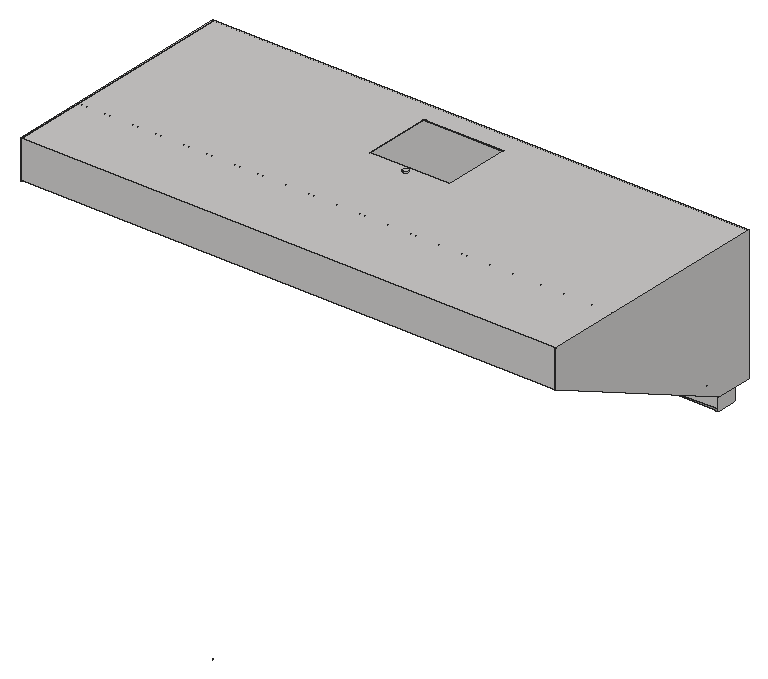
Revit family "QF_ELECTROLUXPROFESSIONAL_644185_AMPV920BT", category Attrezzature speciali, Revit 2021
Family settings
  Quota connettore circolare = Usa diametro
  Tipo di parte = Normale
  Basato su piano di lavoro = No
  Sempre verticale = Sì
  Taglio con vuoti quando caricato = No
  Condiviso = No
  Punto di calcolo locali = No
Parameters (values of type "Standard")
  Weight = 44.00 kg
  Watts = 550 W
  Volts = 220 V
  URL Manufacturer = "https://www.electroluxprofessional.com/"
  URL = "https://www.electroluxprofessional.com/"
  Steam Supply Size = 0 mm
  Steam Supply Minimum Pressure = 0.0 Pa
  Steam Supply Maximum Pressure = 0.0 Pa
  Steam Consumption per Hour = 0
  Refrigeration Suction Line Size = 0 mm
  Refrigeration Liquid Line Size = 0 mm
  Refrigerant Compressor Remote = yes
  Prospetto di default = 0 mm
  Produttore = "Electrolux Professional"
  Phase = 1
  Modello = "AMPV920BT"
  Length Actual = 2000 mm  # constant formula
  Item Number = "644185"
  Hot Water Size = 0 mm
  Height Actual = 500 mm  # constant formula
  HP = "0.7 HP"
  Gas Size = 0 mm
  Gas KW = 0
  Gas Input Pressure = 0 W
  Direct Waste Size = 0 mm
  Descrizione = "430 S/S WALL HOOD+FILTERS+FAN 2000X900MM"
  Depth Actual = 900 mm  # constant formula
  Cycle = 50 Hz
  Condensate Return Size = 0 mm
  Compressed Air Volume = 0.0 L/s
  Compressed Air Size = 0 mm
  Compressed Air Pressure = 0.0 Pa
  Cold Water Size = 0 mm
  Accessory = yes
Reference planes
  plane 1: z = 0
  plane 2 "Center (Left/Right)": x = 150
  plane 3 "LEFT": x = -850
  plane 4 "RIGHT": x = 1150
  plane 5 "BACK": y = 550
  plane 6 "Plane": z = 2000
  plane 7 "TOP": z = 2140
  plane 8 "Base": z = 1640
  plane 9: z = 1566
  plane 10 "DrainY": y = 485
  plane 11: x = -847
  plane 12: through (0, 414.509, 1640.8) normal (0, 0.7314, 0.682)
  plane 13: y = 470
  plane 14: y = 220
  plane 15 "DrainX": x = 1030
  plane 16: x = 0
  plane 17: x = 300
  plane 18: x = 1147
  plane 19: x = 940
  plane 20: x = 1120
  plane 21: x = -810
  plane 22: x = 1110
  plane 23: x = -47.5
  plane 24: x = 347.5
  plane 25 "FRONT": y = -350
  plane 26 "Center (Front/Back)": y = 100
  plane 27: y = 200
Forms (mm)
  Extrusion 1, solid, material "QF_Finishes_Stainless Steel"
    sketch origin (-850, 0, 0) x (0, 1, 0) y (0, 0, 1)
      loop
        line (550, 1640) -> (550, 2140) -> (-350, 2140) -> (-350, 1998.736) -> (413.973, 1640) -> (550, 1640)
    from 0 to 3
  Extrusion 2, solid, material "QF_Finishes_Stainless Steel"
    sketch origin (150, 0, 0) x (0, 1, 0) y (0, 0, 1)
      loop
        line (415.255, 1640) -> (550, 1640) -> (550, 2139.19) -> (549.2, 2139.19) -> (549.2, 1640.8) -> (415.876, 1640.8) -> (339.347, 1722.867) -> (349.609, 1732.436) -> (348.927, 1733.167) -> (337.934, 1722.917) -> (415.255, 1640)
      loop
        line (-82.203, 2139.19) -> (-82.203, 2118.6) -> (-31.047, 2118.6) -> (34.354, 2048.466) -> (46.028, 2059.352) -> (45.346, 2060.083) -> (34.403, 2049.879) -> (-30.612, 2119.6) -> (-81.203, 2119.6) -> (-81.203, 2139.19) -> (-82.203, 2139.19)
    from -997 to 997
  Extrusion 3, solid, material "QF_Finishes_Stainless Steel"
    sketch origin (1150, 0, 0) x (0, 1, 0) y (0, 0, 1)
      loop
        line (550, 1640) -> (550, 2140) -> (-350, 2140) -> (-350, 1998.736) -> (413.973, 1640) -> (550, 1640)
    from 0 to -3
  Extrusion 4, solid, material "QF_Finishes_Stainless Steel"
    sketch origin (150, 0, 0) x (0, 1, 0) y (0, 0, 1)
      loop
        line (-350, 2140) -> (-350, 2000) -> (-349.2, 2000) -> (-349.2, 2139.19) -> (550, 2139.19) -> (550, 2140) -> (-350, 2140)
    from -1000 to 1000
  Extrusion 5, solid, material "QF_Finishes_Stainless Steel"
    sketch origin (150, 0, 0) x (0, 1, 0) y (0, 0, 1)
      loop
        line (534, 1640) -> (436, 1640) -> (436, 1627) -> (443.5, 1627) -> (443.5, 1576)
        arc (443.5, 1576) -> (446.429, 1568.929) -> (453.5, 1566) r 10
        line (453.5, 1566) -> (516.5, 1566)
        arc (516.5, 1566) -> (523.571, 1568.929) -> (526.5, 1576) r 10
        line (526.5, 1576) -> (526.5, 1627) -> (534, 1627) -> (534, 1640)
    from 790 to 970
  Extrusion 6, solid, material "QF_Finishes_Stainless Steel"
    sketch origin (0, 0, 1640) x (0, 1, 0) y (-1, 0, 0)
      loop
        circle (485, -1030) r 20
    from -76 to -74
  Extrusion 7, solid, material "QF_Finished_Chrome"
    sketch origin (150, 0, 0) x (0, 1, 0) y (0, 0, 1)
      loop
        line (337.934, 1722.917) -> (341.591, 1726.327) -> (38.011, 2051.876) -> (34.354, 2048.466) -> (337.934, 1722.917)
    from -197.5 to -960
  Extrusion 8, solid, material "QF_Finishes_Stainless Steel"
    sketch origin (150, 0, 0) x (0, 1, 0) y (0, 0, 1)
      loop
        line (337.934, 1722.917) -> (341.591, 1726.327) -> (38.011, 2051.876) -> (34.354, 2048.466) -> (337.934, 1722.917)
    from 997 to 960
  Extrusion 9, solid, material "QF_Finished_Chrome"
    sketch origin (150, 0, 0) x (0, 1, 0) y (0, 0, 1)
      loop
        line (341.588, 1726.324) -> (38.009, 2051.874) -> (34.354, 2048.466) -> (337.934, 1722.917) -> (341.588, 1726.324)
    from 197.5 to 960
  Extrusion 10, void
    sketch origin (0, 0, 2140) x (0, 1, 0) y (-1, 0, 0)
      loop
        line (470, -300) -> (470, 0) -> (220, 0) -> (220, -300) -> (470, -300)
    from 0 to -10
  Extrusion 11, solid, material "QF_Finishes_Stainless Steel"
    sketch origin (0, 0, 0) x (1, 0, 0) y (0, 1, 0)
      loop
        line (-850, 550) -> (-850, 549) -> (-849, 549) -> (-849, 550) -> (-850, 550)
    from 0 to 1
  Extrusion 12, solid, material "QF_Finishes_Stainless Steel"
    sketch origin (150, 0, 0) x (0, 1, 0) y (0, 0, 1)
      loop
        line (337.934, 1722.917) -> (341.591, 1726.327) -> (38.011, 2051.876) -> (34.354, 2048.466) -> (337.934, 1722.917)
    from -960 to -997
  Extrusion 13, solid, material "QF_Finishes_Stainless Steel"
    sketch origin (150, 0, 0) x (0, 1, 0) y (0, 0, 1)
      loop
        line (337.934, 1722.917) -> (341.591, 1726.327) -> (38.011, 2051.876) -> (34.354, 2048.466) -> (337.934, 1722.917)
    from 197.5 to -197.5
  Extrusion 14, solid, material "QF_Finishes_Stainless Steel"
    sketch origin (0, 0, 2140) x (0, 1, 0) y (-1, 0, 0)
      loop
        circle (200, -150) r 10
    from 0 to 1.6
Cuts and joins
  Extrusion 10 cuts Extrusion 4
  joined: Extrusion 2, Extrusion 4
Lines and regions (mm)
  reference lines
    curve 1: line (150, 34.354, 2048.466) -> (150, 34.354, 1888.466)
  symbolic lines, style "SpecialityEquipment", detail levels coarse
    curve 2: line (1150, 550, 2140) -> (-850, 550, 2140)
    curve 3: line (-850, 550, 2140) -> (-850, -350, 2140)
    curve 4: line (1150, -350, 2140) -> (1150, 550, 2140)
    curve 5: line (-850, -350, 2140) -> (1150, -350, 2140)
    curve 6: line (300, 220, 2140) -> (0, 220, 2140)
    curve 7: line (300, 470, 2140) -> (300, 220, 2140)
    curve 8: line (0, 470, 2140) -> (300, 470, 2140)
    curve 9: line (0, 220, 2140) -> (0, 470, 2140)
    curve 10: line (-850, 550, 0) -> (1150, -350, 0)
    curve 11: line (1150, 550, 0) -> (-850, -350, 0)
Dimensions and locks
  plane 3 "LEFT" to plane 4 "RIGHT" = 2000 mm
  equal spacing: plane 3 "LEFT", plane 2 "Center (Left/Right)", plane 4 "RIGHT"
  locked: plane 6 "Plane" to level at 2000
  plane 7 "TOP" to plane 6 "Plane" = 140 mm
  locked: plane 7 "TOP" to plane 8 "Base" at 500
  plane 8 "Base" to plane 9 = 74 mm
  plane 5 "BACK" to plane 10 "DrainY" = 65 mm  (x2)
  plane 3 "LEFT" to plane 11 = 3 mm
  plane 5 "BACK" to plane 13 = 80 mm
  plane 13 to plane 14 = 250 mm  (x2)
  plane 15 "DrainX" to plane 4 "RIGHT" = 120 mm
  plane 18 to plane 4 "RIGHT" = 3 mm
  locked: plane 19 to plane 15 "DrainX" at 90
  locked: plane 15 "DrainX" to plane 20 at 90
  plane 13 to plane 5 "BACK" = 80 mm
  locked: plane 3 "LEFT" to plane 21 at 40
  locked: plane 22 to plane 4 "RIGHT" at 40
  locked: plane 23 to plane 24 at 395
  equal spacing: plane 23, plane 2 "Center (Left/Right)", plane 24
  locked: plane 16 to plane 17 at 300
  equal spacing: plane 16, plane 2 "Center (Left/Right)", plane 17
  plane 5 "BACK" to plane 25 "FRONT" = 900 mm  (x2)
  equal spacing: plane 5 "BACK", plane 26 "Center (Front/Back)", plane 25 "FRONT"
  plane 14 to plane 27 = 20 mm
  aligned and locked: level to plane 1
  aligned and locked: Extrusion 2 to Extrusion 1
  aligned and locked: Extrusion 2 to Extrusion 3
  aligned and locked: plane 4 "RIGHT" to Extrusion 4
  aligned and locked: Extrusion 4 to plane 3 "LEFT"
  aligned and locked: plane 18 to Extrusion 8
  aligned and locked: Extrusion 10 to plane 16
  aligned and locked: Extrusion 10 to plane 14
  aligned and locked: Extrusion 10 to plane 13
  aligned and locked: Extrusion 2 to Extrusion 4
  aligned and locked: plane 20 to Extrusion 5
  aligned and locked: Extrusion 5 to plane 19
  aligned and locked: Extrusion 8 to plane 22
  aligned and locked: Extrusion 9 to plane 22
  aligned and locked: Extrusion 7 to plane 21
  aligned and locked: Extrusion 12 to plane 11
  aligned and locked: plane 21 to Extrusion 12
  aligned and locked: Extrusion 3 to plane 18
  aligned and locked: Extrusion 10 to plane 17
  aligned and locked: plane 17 to curve 7
  aligned and locked: plane 24 to Extrusion 13
  aligned and locked: Extrusion 13 to plane 23
  aligned and locked: Extrusion 9 to plane 24
Automatic sketch dimensions
  curve 5 to plane 4 "RIGHT" = 0 mm
  curve 6 to plane 14 = 0 mm
  plane 13 to curve 8 = 0 mm
  curve 3 to plane 3 "LEFT" = 0 mm
  curve 3 to plane 5 "BACK" = 0 mm
  curve 6 to plane 16 = 0 mm
  Extrusion 2 sketch curve to plane 12 = 0 mm  (x3)
  Extrusion 2 sketch curve to plane 8 "Base" = 0 mm
  plane 12 to Extrusion 2 sketch curve = 0 mm
  Extrusion 2 sketch curve to plane 5 "BACK" = 0 mm
  Extrusion 2 sketch curve to Extrusion 2 sketch curve = 65.646 mm
  Extrusion 2 sketch curve to Extrusion 2 sketch curve = 0.682 mm  (x2)
  Extrusion 2 sketch curve to Extrusion 2 sketch curve = 10.261 mm
  plane 8 "Base" to Extrusion 2 sketch curve = 82.917 mm
  Extrusion 2 sketch curve to Extrusion 2 sketch curve = 10.942 mm
  Extrusion 2 sketch curve to Extrusion 2 sketch curve = 0.049 mm
  Extrusion 2 sketch curve to plane 7 "TOP" = 20.4 mm
  Extrusion 2 sketch curve to plane 7 "TOP" = 21.4 mm
  Extrusion 2 sketch curve to plane 7 "TOP" = 0.81 mm  (x2)
  Extrusion 2 sketch curve to Extrusion 2 sketch curve = 50.156 mm
  Extrusion 2 sketch curve to Extrusion 2 sketch curve = 1 mm
  plane 8 "Base" to Extrusion 2 sketch curve = 0.8 mm
  Extrusion 2 sketch curve to plane 5 "BACK" = 0.8 mm
  Extrusion 4 sketch curve to plane 6 "Plane" = 0 mm
  Extrusion 4 sketch curve to plane 5 "BACK" = 0 mm
  Extrusion 4 sketch curve to plane 7 "TOP" = 0 mm
  Extrusion 4 sketch curve to plane 7 "TOP" = 0.81 mm
  curve 1 to plane 12 = 0 mm
  curve 1 to plane 6 "Plane" = 111.534 mm
  Extrusion 5 sketch curve to plane 8 "Base" = 0 mm
  Extrusion 5 sketch curve to plane 9 = 0 mm
  Extrusion 5 sketch curve to plane 8 "Base" = 13 mm  (x2)
  plane 13 to Extrusion 5 sketch curve = 34 mm
  Extrusion 5 sketch curve to Extrusion 5 sketch curve = 7.5 mm  (x2)
  Extrusion 5 sketch curve to Extrusion 5 sketch curve = 10 mm
  plane 10 "DrainY" to Extrusion 5 sketch curve = 31.5 mm
  Extrusion 5 sketch curve to plane 5 "BACK" = 23.5 mm
  Extrusion 6 sketch curve to plane 10 "DrainY" = 0 mm
  Extrusion 6 sketch curve to plane 15 "DrainX" = 0 mm
  Extrusion 7 sketch curve to plane 12 = 0 mm  (x2)
  Extrusion 7 sketch curve to Extrusion 7 sketch curve = 3.657 mm
  plane 8 "Base" to Extrusion 7 sketch curve = 82.917 mm
  Extrusion 8 sketch curve to plane 12 = 0 mm  (x2)
  Extrusion 8 sketch curve to Extrusion 8 sketch curve = 3.657 mm
  plane 8 "Base" to Extrusion 8 sketch curve = 82.917 mm
  Extrusion 9 sketch curve to plane 12 = 0 mm  (x2)
  Extrusion 9 sketch curve to Extrusion 9 sketch curve = 3.655 mm
  plane 8 "Base" to Extrusion 9 sketch curve = 82.917 mm
  Extrusion 10 sketch curve to plane 14 = 0 mm
  plane 13 to Extrusion 10 sketch curve = 0 mm
  Extrusion 10 sketch curve to plane 17 = 0 mm
  Extrusion 10 sketch curve to plane 16 = 0 mm
  Extrusion 11 sketch curve to plane 3 "LEFT" = 0 mm
  Extrusion 11 sketch curve to plane 5 "BACK" = 0 mm
  plane 3 "LEFT" to Extrusion 11 sketch curve = 1 mm
  Extrusion 11 sketch curve to Extrusion 11 sketch curve = 1 mm
  Extrusion 12 sketch curve to plane 12 = 0 mm  (x2)
  Extrusion 12 sketch curve to Extrusion 12 sketch curve = 3.657 mm
  plane 8 "Base" to Extrusion 12 sketch curve = 82.917 mm
  Extrusion 13 sketch curve to plane 12 = 0 mm  (x2)
  Extrusion 13 sketch curve to Extrusion 13 sketch curve = 3.657 mm
  plane 8 "Base" to Extrusion 13 sketch curve = 82.917 mm
  Extrusion 4 sketch curve to Extrusion 4 sketch curve = 0.8 mm
  curve 5 to plane 14 = 570 mm
  plane 6 "Plane" to Extrusion 2 sketch curve = 48.466 mm
  Extrusion 4 sketch curve to plane 14 = 569.2 mm
  curve 1 to plane 14 = 185.646 mm
  plane 6 "Plane" to Extrusion 7 sketch curve = 51.876 mm
  plane 6 "Plane" to Extrusion 8 sketch curve = 51.876 mm
  plane 6 "Plane" to Extrusion 9 sketch curve = 51.874 mm
  plane 6 "Plane" to Extrusion 12 sketch curve = 51.876 mm
  plane 6 "Plane" to Extrusion 13 sketch curve = 51.876 mm
  Extrusion 3 sketch curve to plane 7 "TOP" = 0 mm
  Extrusion 3 sketch curve to plane 8 "Base" = 0 mm
  Extrusion 3 sketch curve to plane 5 "BACK" = 0 mm
  Extrusion 3 sketch curve to plane 25 "FRONT" = 0 mm
  plane 13 to Extrusion 3 sketch curve = 56.027 mm
  Extrusion 3 sketch curve to plane 6 "Plane" = 1.264 mm
  Extrusion 1 sketch curve to plane 7 "TOP" = 0 mm
  Extrusion 1 sketch curve to plane 8 "Base" = 0 mm
  Extrusion 1 sketch curve to plane 12 = 0.937 mm
  Extrusion 1 sketch curve to plane 5 "BACK" = 0 mm
  Extrusion 1 sketch curve to plane 25 "FRONT" = 0 mm
  Extrusion 1 sketch curve to plane 6 "Plane" = 1.264 mm
  curve 11 to plane 3 "LEFT" = 0 mm
  curve 10 to plane 3 "LEFT" = 0 mm
  curve 11 to plane 4 "RIGHT" = 0 mm
  curve 10 to plane 4 "RIGHT" = 0 mm
  curve 10 to plane 25 "FRONT" = 0 mm
  curve 11 to plane 25 "FRONT" = 0 mm
  curve 11 to plane 5 "BACK" = 0 mm
  curve 10 to plane 5 "BACK" = 0 mm
  Extrusion 14 sketch curve to plane 2 "Center (Left/Right)" = 0 mm
  Extrusion 14 sketch curve to plane 27 = 0 mm
  radius of Extrusion 6 sketch curve = 20 mm
  radius of Extrusion 14 sketch curve = 10 mm
Connectors
  piping at (1030, 485, 1564), diameter 20
    settings: on Extrusion 6, index 1, connector inside diameter 609.6 mm, connector length 0 mm, flow factor 0, pipe flow 0.0 L/s, pressure drop 0.0 Pa, fitting loss kfactor 0, connector angle 0.00°, fixture units 0, engagement length 0 mm, angle of deflection 0.00°, flow configuration 1, flow direction 2, fitting loss method 0, system type 16, joint type 0, gender type 0, connector reference index -1, connector utility 0, adjustable connector no, is connector primary yes, connector description "Drain"
  hvac at (150, 345, 2140)
    settings: on Extrusion 10, index 2, duct flow 0.0 L/s, flow factor 0, pres drop 0.0 Pa, loss coef 0, conn angle 0.00°, conn width 250 mm, conn height 300 mm, conn diameter 609.6 mm, duct sys type 3, conn prof type 1, flow config 0, flow direction 2, loss method 0, conn ref index -1, conn util no, is conn primary yes, conn desc "EXHAUST OUTLET"
  electrical at (150, 200, 2141.6), driven by "Volts"
    settings: on Extrusion 14, index 3, voltage 220 V, apparent load 0 VA, apparent load phase1 0 VA, apparent load phase2 0 VA, apparent load phase3 0 VA, power factor 1, load classification "Other", number of poles 1, system type 30, power factor state 1, is connector primary yes, connector utility no, sub classification motor no, connector description "Electrical Connection"
